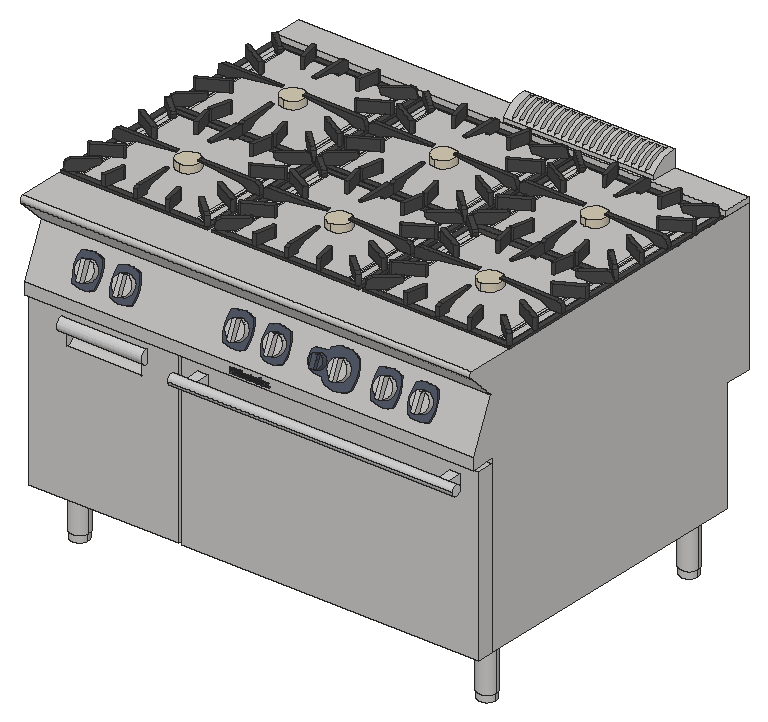
Revit family "QF_ELECTROLUXPROFESSIONAL_391465_E9AAOABFMIE", category Attrezzature speciali, Revit 2018 (continued)
Automatic sketch dimensions
  Extrusion 36 sketch curve to Extrusion 36 sketch curve = 0.503 mm
  plane 7 "Center Y" to Extrusion 36 sketch curve = 48.995 mm
  Extrusion 36 sketch curve to Extrusion 36 sketch curve = 0.488 mm
  plane 7 "Center Y" to Extrusion 36 sketch curve = 52.922 mm
  Extrusion 36 sketch curve to Extrusion 36 sketch curve = 0.462 mm
  Extrusion 36 sketch curve to Extrusion 36 sketch curve = 1.386 mm
  Extrusion 36 sketch curve to Extrusion 36 sketch curve = 1.742 mm
  Extrusion 36 sketch curve to Extrusion 36 sketch curve = 0.821 mm
  Extrusion 36 sketch curve to Extrusion 36 sketch curve = 0.497 mm
  Extrusion 36 sketch curve to Extrusion 36 sketch curve = 0.539 mm
  Extrusion 36 sketch curve to Extrusion 36 sketch curve = 0.686 mm
  Extrusion 36 sketch curve to plane 7 "Center Y" = 0.042 mm
  Extrusion 36 sketch curve to Extrusion 36 sketch curve = 0.408 mm
  Extrusion 36 sketch curve to Extrusion 36 sketch curve = 0.743 mm
  Extrusion 36 sketch curve to Extrusion 36 sketch curve = 1.16 mm
  Extrusion 36 sketch curve to Extrusion 36 sketch curve = 0.329 mm
  Extrusion 36 sketch curve to Extrusion 36 sketch curve = 1.054 mm
  Extrusion 36 sketch curve to Extrusion 36 sketch curve = 1.056 mm
  Extrusion 36 sketch curve to Extrusion 36 sketch curve = 0.129 mm
  Extrusion 36 sketch curve to Extrusion 36 sketch curve = 0.489 mm
  Extrusion 36 sketch curve to plane 7 "Center Y" = 0.376 mm
  Extrusion 36 sketch curve to Extrusion 36 sketch curve = 0.441 mm
  Extrusion 36 sketch curve to Extrusion 36 sketch curve = 1.151 mm
  Extrusion 36 sketch curve to Extrusion 36 sketch curve = 1.141 mm  (x2)
  Extrusion 36 sketch curve to Extrusion 36 sketch curve = 0.768 mm
  Extrusion 36 sketch curve to Extrusion 36 sketch curve = 1.653 mm
  Extrusion 36 sketch curve to Extrusion 36 sketch curve = 0.499 mm
  Extrusion 36 sketch curve to Extrusion 36 sketch curve = 0.964 mm
  Extrusion 36 sketch curve to Extrusion 36 sketch curve = 0.949 mm
  Extrusion 36 sketch curve to Extrusion 36 sketch curve = 1.345 mm  (x3)
  Extrusion 36 sketch curve to Extrusion 36 sketch curve = 1.101 mm
  Extrusion 36 sketch curve to Extrusion 36 sketch curve = 0.432 mm
  Extrusion 36 sketch curve to Extrusion 36 sketch curve = 1.142 mm
  Extrusion 36 sketch curve to Extrusion 36 sketch curve = 0.959 mm
  Extrusion 36 sketch curve to Extrusion 36 sketch curve = 0.176 mm
  Extrusion 36 sketch curve to Extrusion 36 sketch curve = 0.728 mm
  Extrusion 36 sketch curve to Extrusion 36 sketch curve = 3.375 mm  (x2)
  Extrusion 36 sketch curve to Extrusion 36 sketch curve = 0.541 mm
  Extrusion 36 sketch curve to Extrusion 36 sketch curve = 0.955 mm
  Extrusion 36 sketch curve to Extrusion 36 sketch curve = 1.251 mm
  Extrusion 36 sketch curve to Extrusion 36 sketch curve = 0.572 mm
  plane 7 "Center Y" to Extrusion 36 sketch curve = 47.619 mm
  Extrusion 36 sketch curve to Extrusion 36 sketch curve = 1.92 mm
  Extrusion 36 sketch curve to Extrusion 36 sketch curve = 1.224 mm
  Extrusion 36 sketch curve to Extrusion 36 sketch curve = 0.745 mm
  Extrusion 36 sketch curve to Extrusion 36 sketch curve = 0.036 mm
  Extrusion 36 sketch curve to Extrusion 36 sketch curve = 0.896 mm  (x3)
  Extrusion 36 sketch curve to Extrusion 36 sketch curve = 2.607 mm
  Extrusion 36 sketch curve to Extrusion 36 sketch curve = 0.066 mm
  Extrusion 36 sketch curve to Extrusion 36 sketch curve = 0.248 mm
  Extrusion 36 sketch curve to Extrusion 36 sketch curve = 0.449 mm
  plane 7 "Center Y" to Extrusion 36 sketch curve = 46.838 mm
  Extrusion 36 sketch curve to Extrusion 36 sketch curve = 1.052 mm
  Extrusion 36 sketch curve to Extrusion 36 sketch curve = 1.863 mm
  Extrusion 36 sketch curve to Extrusion 36 sketch curve = 1.31 mm  (x2)
  Extrusion 36 sketch curve to Extrusion 36 sketch curve = 0.901 mm
  Extrusion 36 sketch curve to Extrusion 36 sketch curve = 1.107 mm
  Extrusion 36 sketch curve to Extrusion 36 sketch curve = 2.122 mm
  Extrusion 36 sketch curve to Extrusion 36 sketch curve = 2.101 mm
  Extrusion 36 sketch curve to Extrusion 36 sketch curve = 0.106 mm
  Extrusion 36 sketch curve to Extrusion 36 sketch curve = 0.029 mm
  plane 7 "Center Y" to Extrusion 36 sketch curve = 49.641 mm
  Extrusion 36 sketch curve to Extrusion 36 sketch curve = 2.09 mm
  Extrusion 36 sketch curve to Extrusion 36 sketch curve = 1.279 mm
  Extrusion 36 sketch curve to Extrusion 36 sketch curve = 2.008 mm
  Extrusion 36 sketch curve to Extrusion 36 sketch curve = 0.738 mm
  Extrusion 36 sketch curve to Extrusion 36 sketch curve = 0.382 mm
  Extrusion 36 sketch curve to Extrusion 36 sketch curve = 0.384 mm
  Extrusion 36 sketch curve to Extrusion 36 sketch curve = 0.002 mm
  Extrusion 36 sketch curve to Extrusion 36 sketch curve = 0.561 mm
  Extrusion 36 sketch curve to Extrusion 36 sketch curve = 0.592 mm
  Extrusion 36 sketch curve to Extrusion 36 sketch curve = 2.692 mm
  Extrusion 36 sketch curve to Extrusion 36 sketch curve = 1.259 mm
  plane 7 "Center Y" to Extrusion 36 sketch curve = 48.858 mm
  Extrusion 36 sketch curve to Extrusion 36 sketch curve = 0.802 mm
  Extrusion 36 sketch curve to Extrusion 36 sketch curve = 1.024 mm
  Extrusion 36 sketch curve to Extrusion 36 sketch curve = 0.682 mm
  Extrusion 36 sketch curve to Extrusion 36 sketch curve = 5.934 mm
  Extrusion 36 sketch curve to Extrusion 36 sketch curve = 2.186 mm
  Extrusion 36 sketch curve to Extrusion 36 sketch curve = 0.337 mm
  Extrusion 36 sketch curve to Extrusion 36 sketch curve = 0.021 mm
  Extrusion 36 sketch curve to Extrusion 36 sketch curve = 1.005 mm
  Extrusion 36 sketch curve to Extrusion 36 sketch curve = 0.552 mm
  Extrusion 36 sketch curve to Extrusion 36 sketch curve = 0.778 mm
  Extrusion 36 sketch curve to Extrusion 36 sketch curve = 0.063 mm
  Extrusion 36 sketch curve to Extrusion 36 sketch curve = 1.023 mm
  Extrusion 36 sketch curve to Extrusion 36 sketch curve = 3.804 mm
  Extrusion 36 sketch curve to Extrusion 36 sketch curve = 0.486 mm
  Extrusion 36 sketch curve to Extrusion 36 sketch curve = 0.266 mm
  Extrusion 36 sketch curve to plane 7 "Center Y" = 0.787 mm
  Extrusion 36 sketch curve to Extrusion 36 sketch curve = 1.547 mm
  Extrusion 36 sketch curve to Extrusion 36 sketch curve = 0.717 mm  (x2)
  Extrusion 36 sketch curve to Extrusion 36 sketch curve = 1.667 mm
  plane 7 "Center Y" to Extrusion 36 sketch curve = 44.532 mm
  Extrusion 36 sketch curve to Extrusion 36 sketch curve = 3.174 mm
  plane 7 "Center Y" to Extrusion 36 sketch curve = 0.368 mm
  Extrusion 36 sketch curve to Extrusion 36 sketch curve = 0.388 mm
  Extrusion 36 sketch curve to Extrusion 36 sketch curve = 1.342 mm
  plane 7 "Center Y" to Extrusion 36 sketch curve = 50.135 mm
  Extrusion 36 sketch curve to Extrusion 36 sketch curve = 1.521 mm
  plane 7 "Center Y" to Extrusion 36 sketch curve = 51.694 mm
  Extrusion 36 sketch curve to Extrusion 36 sketch curve = 0.124 mm
  Extrusion 36 sketch curve to Extrusion 36 sketch curve = 0.291 mm
  plane 7 "Center Y" to Extrusion 36 sketch curve = 7.285 mm
  Extrusion 36 sketch curve to Extrusion 36 sketch curve = 1.049 mm  (x2)
  plane 7 "Center Y" to Extrusion 36 sketch curve = 47.668 mm
  Extrusion 36 sketch curve to Extrusion 36 sketch curve = 1.7 mm
  Extrusion 36 sketch curve to Extrusion 36 sketch curve = 0.894 mm
  Extrusion 36 sketch curve to Extrusion 36 sketch curve = 0.989 mm
  Extrusion 36 sketch curve to Extrusion 36 sketch curve = 1.168 mm
  Extrusion 36 sketch curve to Extrusion 36 sketch curve = 1.594 mm
  Extrusion 36 sketch curve to Extrusion 36 sketch curve = 0.731 mm
  Extrusion 36 sketch curve to Extrusion 36 sketch curve = 1.566 mm
  Extrusion 36 sketch curve to Extrusion 36 sketch curve = 0.064 mm
  plane 7 "Center Y" to Extrusion 36 sketch curve = 7.842 mm
  Extrusion 36 sketch curve to Extrusion 36 sketch curve = 0.556 mm
  Extrusion 36 sketch curve to Extrusion 36 sketch curve = 0.48 mm
  Extrusion 36 sketch curve to Extrusion 36 sketch curve = 0.228 mm
  Extrusion 36 sketch curve to Extrusion 36 sketch curve = 1.018 mm
  plane 7 "Center Y" to Extrusion 36 sketch curve = 37.429 mm
  Extrusion 36 sketch curve to Extrusion 36 sketch curve = 0.787 mm
  Extrusion 36 sketch curve to Extrusion 36 sketch curve = 0.618 mm
  plane 7 "Center Y" to Extrusion 36 sketch curve = 42.486 mm
  Extrusion 36 sketch curve to Extrusion 36 sketch curve = 1.672 mm
  plane 7 "Center Y" to Extrusion 36 sketch curve = 53.436 mm
  Extrusion 36 sketch curve to Extrusion 36 sketch curve = 1.361 mm
  Extrusion 36 sketch curve to Extrusion 36 sketch curve = 0.822 mm
  Extrusion 36 sketch curve to Extrusion 36 sketch curve = 0.069 mm
  Extrusion 36 sketch curve to Extrusion 36 sketch curve = 1.88 mm
  plane 7 "Center Y" to Extrusion 36 sketch curve = 35.269 mm
  Extrusion 36 sketch curve to Extrusion 36 sketch curve = 0.42 mm
  Extrusion 36 sketch curve to Extrusion 36 sketch curve = 0.062 mm
  Extrusion 36 sketch curve to Extrusion 36 sketch curve = 1.355 mm
  Extrusion 36 sketch curve to Extrusion 36 sketch curve = 2.34 mm
  Extrusion 36 sketch curve to Extrusion 36 sketch curve = 0.493 mm
  Extrusion 36 sketch curve to Extrusion 36 sketch curve = 0.136 mm
  Extrusion 36 sketch curve to Extrusion 36 sketch curve = 0.128 mm
  Extrusion 36 sketch curve to Extrusion 36 sketch curve = 3.616 mm
  Extrusion 36 sketch curve to Extrusion 36 sketch curve = 4.207 mm
  Extrusion 36 sketch curve to Extrusion 36 sketch curve = 0.183 mm
  Extrusion 36 sketch curve to Extrusion 36 sketch curve = 0.895 mm
  Extrusion 36 sketch curve to Extrusion 36 sketch curve = 1.314 mm
  Extrusion 36 sketch curve to Extrusion 36 sketch curve = 3.231 mm
  Extrusion 36 sketch curve to plane 7 "Center Y" = 23.526 mm
  Extrusion 36 sketch curve to Extrusion 36 sketch curve = 1.299 mm
  Extrusion 36 sketch curve to Extrusion 36 sketch curve = 1.214 mm
  plane 7 "Center Y" to Extrusion 36 sketch curve = 26.369 mm
  Extrusion 36 sketch curve to Extrusion 36 sketch curve = 1.264 mm
  Extrusion 36 sketch curve to Extrusion 36 sketch curve = 0.109 mm
  Extrusion 36 sketch curve to Extrusion 36 sketch curve = 0.357 mm
  Extrusion 36 sketch curve to Extrusion 36 sketch curve = 0.565 mm
  Extrusion 36 sketch curve to Extrusion 36 sketch curve = 2.504 mm
  Extrusion 36 sketch curve to Extrusion 36 sketch curve = 2.459 mm
  Extrusion 36 sketch curve to Extrusion 36 sketch curve = 0.983 mm
  Extrusion 36 sketch curve to Extrusion 36 sketch curve = 0.422 mm  (x2)
  Extrusion 36 sketch curve to Extrusion 36 sketch curve = 1.268 mm
  Extrusion 36 sketch curve to Extrusion 36 sketch curve = 0.671 mm
  Extrusion 36 sketch curve to Extrusion 36 sketch curve = 1.634 mm
  Extrusion 36 sketch curve to Extrusion 36 sketch curve = 0.132 mm
  Extrusion 36 sketch curve to Extrusion 36 sketch curve = 0.586 mm
  Extrusion 36 sketch curve to Extrusion 36 sketch curve = 1.241 mm
  Extrusion 36 sketch curve to Extrusion 36 sketch curve = 1.689 mm
  Extrusion 36 sketch curve to Extrusion 36 sketch curve = 0.627 mm
  Extrusion 36 sketch curve to Extrusion 36 sketch curve = 0.419 mm
  Extrusion 36 sketch curve to Extrusion 36 sketch curve = 1.514 mm
  Extrusion 36 sketch curve to Extrusion 36 sketch curve = 1.019 mm
  Extrusion 36 sketch curve to Extrusion 36 sketch curve = 0.065 mm
  Extrusion 36 sketch curve to Extrusion 36 sketch curve = 1.215 mm
  Extrusion 36 sketch curve to Extrusion 36 sketch curve = 1.122 mm
  Extrusion 36 sketch curve to Extrusion 36 sketch curve = 1.153 mm
  Extrusion 36 sketch curve to Extrusion 36 sketch curve = 1.223 mm
  Extrusion 36 sketch curve to Extrusion 36 sketch curve = 0.934 mm
  Extrusion 36 sketch curve to Extrusion 36 sketch curve = 3.376 mm
  Extrusion 36 sketch curve to Extrusion 36 sketch curve = 0.222 mm
  Extrusion 36 sketch curve to Extrusion 36 sketch curve = 1.383 mm
  Extrusion 36 sketch curve to Extrusion 36 sketch curve = 1.556 mm
  Extrusion 36 sketch curve to Extrusion 36 sketch curve = 2.559 mm
  Extrusion 36 sketch curve to Extrusion 36 sketch curve = 2.51 mm
  Extrusion 36 sketch curve to Extrusion 36 sketch curve = 0.131 mm
  Extrusion 36 sketch curve to Extrusion 36 sketch curve = 1.134 mm
  Extrusion 36 sketch curve to Extrusion 36 sketch curve = 0.094 mm
  Extrusion 36 sketch curve to Extrusion 36 sketch curve = 1.584 mm
  Extrusion 36 sketch curve to Extrusion 36 sketch curve = 0.27 mm
  Extrusion 36 sketch curve to Extrusion 36 sketch curve = 0.916 mm
  Extrusion 36 sketch curve to Extrusion 36 sketch curve = 0.352 mm
  Extrusion 36 sketch curve to Extrusion 36 sketch curve = 0.458 mm
  Extrusion 36 sketch curve to Extrusion 36 sketch curve = 1.282 mm
  Extrusion 36 sketch curve to Extrusion 36 sketch curve = 1.363 mm
  Extrusion 36 sketch curve to Extrusion 36 sketch curve = 0.685 mm
  Extrusion 36 sketch curve to Extrusion 36 sketch curve = 0.905 mm
  Extrusion 36 sketch curve to Extrusion 36 sketch curve = 1.477 mm
  Extrusion 36 sketch curve to Extrusion 36 sketch curve = 0.472 mm
  Extrusion 36 sketch curve to Extrusion 36 sketch curve = 0.101 mm
  Extrusion 36 sketch curve to Extrusion 36 sketch curve = 0.54 mm
  Extrusion 36 sketch curve to Extrusion 36 sketch curve = 0.02 mm
  Extrusion 36 sketch curve to Extrusion 36 sketch curve = 0.829 mm
  Extrusion 36 sketch curve to Extrusion 36 sketch curve = 0.582 mm
  Extrusion 36 sketch curve to Extrusion 36 sketch curve = 0.166 mm
  Extrusion 36 sketch curve to Extrusion 36 sketch curve = 0.16 mm
  Extrusion 36 sketch curve to Extrusion 36 sketch curve = 1.118 mm
  Extrusion 36 sketch curve to Extrusion 36 sketch curve = 0.613 mm
  Extrusion 36 sketch curve to Extrusion 36 sketch curve = 0.781 mm
  Extrusion 36 sketch curve to Extrusion 36 sketch curve = 0.361 mm
  Extrusion 36 sketch curve to Extrusion 36 sketch curve = 0.897 mm
  Extrusion 36 sketch curve to Extrusion 36 sketch curve = 0.167 mm
  Extrusion 36 sketch curve to Extrusion 36 sketch curve = 0.292 mm
  Extrusion 36 sketch curve to Extrusion 36 sketch curve = 0.305 mm
  Extrusion 36 sketch curve to Extrusion 36 sketch curve = 1.557 mm
  Extrusion 36 sketch curve to Extrusion 36 sketch curve = 2.499 mm
  Extrusion 36 sketch curve to Extrusion 36 sketch curve = 3.062 mm
  Extrusion 36 sketch curve to Extrusion 36 sketch curve = 2.968 mm
  Extrusion 36 sketch curve to Extrusion 36 sketch curve = 5.044 mm
  Extrusion 36 sketch curve to Extrusion 36 sketch curve = 0.629 mm  (x2)
  Extrusion 36 sketch curve to Extrusion 36 sketch curve = 1.131 mm
  Extrusion 36 sketch curve to Extrusion 36 sketch curve = 0.137 mm
  Extrusion 36 sketch curve to Extrusion 36 sketch curve = 0.027 mm
  Extrusion 36 sketch curve to Extrusion 36 sketch curve = 2.046 mm
  Extrusion 36 sketch curve to Extrusion 36 sketch curve = 2.235 mm
  Revolve 37 sketch curve to plane 9 "Base" = 0 mm  (x2)
  Revolve 37 sketch curve to level = 0 mm
  Revolve 37 sketch curve to plane 18 = 0 mm  (x2)
  Revolve 37 sketch curve to Revolve 37 sketch curve = 22.9 mm
  Revolve 37 sketch curve to Revolve 37 sketch curve = 2.5 mm
  plane 9 "Base" to Revolve 37 sketch curve = 20 mm
  level to Revolve 37 sketch curve = 19.05 mm
  Revolve 38 sketch curve to plane 9 "Base" = 0 mm  (x2)
  Revolve 38 sketch curve to level = 0 mm
  Revolve 38 sketch curve to plane 18 = 0 mm  (x2)
  Revolve 38 sketch curve to Revolve 38 sketch curve = 22.9 mm
  Revolve 38 sketch curve to Revolve 38 sketch curve = 2.5 mm
  plane 9 "Base" to Revolve 38 sketch curve = 20 mm
  level to Revolve 38 sketch curve = 19.05 mm
  plane 1 "BACK" to Extrusion 39 sketch curve = 63.911 mm  (x2)
  Extrusion 39 sketch curve to plane 18 = 156.447 mm
  Extrusion 39 sketch curve to Extrusion 39 sketch curve = 9.296 mm  (x20)
  Extrusion 39 sketch curve to Extrusion 39 sketch curve = 9.397 mm  (x19)
  Extrusion 39 sketch curve to Extrusion 39 sketch curve = 0 mm  (x18)
  plane 1 "BACK" to Extrusion 39 sketch curve = 6.761 mm  (x20)
  Revolve 40 sketch curve to plane 9 "Base" = 0 mm  (x2)
  Revolve 40 sketch curve to level = 0 mm
  plane 17 to Revolve 40 sketch curve = 0 mm  (x2)
  plane 17 to Revolve 40 sketch curve = 22.9 mm
  Revolve 40 sketch curve to Revolve 40 sketch curve = 2.5 mm
  level to Revolve 40 sketch curve = 19.05 mm
  plane 9 "Base" to Revolve 40 sketch curve = 20 mm
  Revolve 41 sketch curve to plane 9 "Base" = 0 mm  (x2)
  Revolve 41 sketch curve to level = 0 mm
  plane 17 to Revolve 41 sketch curve = 0 mm  (x2)
  plane 17 to Revolve 41 sketch curve = 22.9 mm
  Revolve 41 sketch curve to Revolve 41 sketch curve = 2.5 mm
  level to Revolve 41 sketch curve = 19.05 mm
  plane 9 "Base" to Revolve 41 sketch curve = 20 mm
  radius of Extrusion 4 sketch curve = 6.4 mm
  radius of Extrusion 9 sketch curve = 12.7 mm
  radius of Extrusion 13 sketch curve = 25.4 mm
  radius of Extrusion 14 sketch curve to Extrusion 13 = 0 mm  (x2)
  radius of Extrusion 16 sketch curve = 25.4 mm
  radius of Extrusion 17 sketch curve to Extrusion 16 = 0 mm  (x2)
  radius of Extrusion 18 sketch curve = 18.37 mm
  radius of Extrusion 21 sketch curve = 25.4 mm
  radius of Extrusion 22 sketch curve to Extrusion 21 = 0 mm  (x2)
  radius of Extrusion 24 sketch curve = 25.4 mm
  radius of Extrusion 25 sketch curve to Extrusion 24 = 0 mm  (x2)
  radius of Extrusion 28 sketch curve = 25.4 mm
  radius of Extrusion 29 sketch curve to Extrusion 28 = 0 mm  (x2)
  radius of Extrusion 31 sketch curve = 25.4 mm
  radius of Extrusion 32 sketch curve to Extrusion 31 = 0 mm  (x2)
  radius of Extrusion 34 sketch curve = 25.4 mm
  radius of Extrusion 35 sketch curve to Extrusion 34 = 0 mm  (x2)
Nested families
  nested 1: "371009_BURNER" at (0, -440.6, 0), type "371009_BURNER"
    with Type Mark "", Status "", Specification by User "", Revision Code "", Item Number "", Installed By "", Identify Quantity as Lot yes, Furnished By "", Foodservice Equipment Identifier yes
  nested 2: "371009_BURNER" at (403.15, -440.6, 0), type "371009_BURNER"
    with Type Mark "", Status "", Specification by User "", Revision Code "", Item Number "", Installed By "", Identify Quantity as Lot yes, Furnished By "", Foodservice Equipment Identifier yes
  nested 3: "371009_BURNER" at (1200, -440.6, 0) x (-1, 0, 0) z (0, 0, 1), type "371009_BURNER"
    with Type Mark "", Status "", Specification by User "", Revision Code "", Item Number "", Installed By "", Identify Quantity as Lot yes, Furnished By "", Foodservice Equipment Identifier yes
  nested 4: "371009_BURNER" at (0, -440.6, 0), type "371009_BURNER"
    with Type Mark "", Status "", Specification by User "", Revision Code "", Item Number "", Installed By "", Identify Quantity as Lot yes, Furnished By "", Foodservice Equipment Identifier yes
  nested 5: "371009_BURNER" at (403.15, -440.6, 0), type "371009_BURNER"
    with Type Mark "", Status "", Specification by User "", Revision Code "", Item Number "", Installed By "", Identify Quantity as Lot yes, Furnished By "", Foodservice Equipment Identifier yes
  nested 6: "371009_BURNER" at (1200, -440.6, 0) x (-1, 0, 0) z (0, 0, 1), type "371009_BURNER"
    with Type Mark "", Status "", Specification by User "", Revision Code "", Item Number "", Installed By "", Identify Quantity as Lot yes, Furnished By "", Foodservice Equipment Identifier yes
Connectors
  piping at (1149, -665, 129), diameter 12.7
    settings: on Extrusion 4, index 1, connector inside diameter 0.50394", connector length 0 mm, flow factor 0, pipe flow 0 GPM, pressure drop 0.00 psi, fitting loss kfactor 0, connector angle 0.00°, fixture units 0, engagement length 0 mm, angle of deflection 0.00°, flow configuration 1, flow direction 1, fitting loss method 0, system type 7, joint type 0, gender type 0, connector reference index -1, connector utility 0, adjustable connector no, is connector primary yes, connector description "GAS CONNECTION"
Definition of nested family "371009_BURNER"
  Parameters
    Weight in Pounds = 0
    URL Cutsheet = ""
    URL = "www.electrolux.com"
    Type Mark [instance] = ""
    Status [instance] = ""
    Specification by User [instance] = ""
    Specification by Manufacturer = ""
    Show Clearance [instance] = yes
    Serial Number = ""
    Seismic Rating = ""
    SMACNA No = ""
    Revision Code [instance] = ""
    Omniclass Number and Title = ""
    NAFEM Spec ID Number = ""
    Model = "371009"
    Masterspec = ""
    Manufacturer = "ELECTROLUX"
    Item Number [instance] = ""
    Installed By [instance] = ""
    Identify Quantity as Lot [instance] = yes
    Furnished By [instance] = ""
    Foodservice Equipment Identifier [instance] = yes
    Description = ""
    CSI MasterFormat = ""
    CSI Master Format = ""
  Reference planes
    plane 1 "BACK": y = 0
    plane 2: z = 0
    plane 3 "LEFT": x = 0
    plane 4 "RIGHT": x = 393.7
    plane 5 "FRONT": y = -355.6
    plane 6 "TOP": z = 908.85
    plane 7 "Center Y": x = 196.85
    plane 8 "Center X": y = -177.8
    plane 9 "Base": z = 150
    plane 10: z = 850.85
  Forms (mm)
    Extrusion 1, solid
      sketch origin (-6.433, -404.961, 5) x (1, 0, 0) y (0, 0, -1)
        loop
          arc (7.142, -850.85) -> (6.739, -862.989) -> (9.761, -874.752) r 42.809
          line (9.761, -874.752) -> (19.961, -879.425) -> (173.122, -879.425)
          arc (173.122, -879.425) -> (174.316, -878.312) -> (173.289, -877.043) r 1.197
          line (173.289, -877.043) -> (64.848, -864.021)
          arc (64.848, -864.021) -> (50.111, -858.738) -> (36.589, -850.85) r 85.245
          line (36.589, -850.85) -> (7.142, -850.85)
        loop
          line (399.424, -850.85) -> (369.977, -850.85)
          arc (369.977, -850.85) -> (356.455, -858.738) -> (341.718, -864.021) r 85.245
          line (341.718, -864.021) -> (233.277, -877.043)
          arc (233.277, -877.043) -> (232.25, -878.312) -> (233.444, -879.425) r 1.197
          line (233.444, -879.425) -> (386.605, -879.425) -> (396.806, -874.752)
          arc (396.806, -874.752) -> (399.827, -862.989) -> (399.424, -850.85) r 42.809
      from 224.564 to 234.564
    Extrusion 2, solid
      sketch origin (196.85, 175.397, 1219.2) x (0, 1, 0) y (0, 0, 1)
        loop
          line (-204.463, -363.35) -> (-175.397, -363.35) -> (-175.397, -339.506)
          arc (-175.397, -339.506) -> (-181.025, -338.266) -> (-185.611, -334.775) r 13.39
          line (-185.611, -334.775) -> (-278.903, -334.775)
          arc (-278.903, -334.775) -> (-280.097, -335.888) -> (-279.07, -337.157) r 1.197
          line (-279.07, -337.157) -> (-227.151, -347.464)
          arc (-227.151, -347.464) -> (-213.741, -352.457) -> (-204.463, -363.35) r 28.426
        loop
          arc (-496.332, -363.35) -> (-487.053, -352.457) -> (-473.644, -347.464) r 28.426
          line (-473.644, -347.464) -> (-421.725, -337.157)
          arc (-421.725, -337.157) -> (-420.697, -335.888) -> (-421.891, -334.775) r 1.197
          line (-421.891, -334.775) -> (-515.184, -334.775)
          arc (-515.184, -334.775) -> (-519.769, -338.266) -> (-525.397, -339.506) r 13.39
          line (-525.397, -339.506) -> (-525.397, -363.35) -> (-496.332, -363.35)
      from -5 to 5
    Extrusion 3, solid
      sketch origin (-6.433, 367.064, 850.85) x (0, -1, 0) y (1, 0, 0)
        loop
          line (722.664, 6.433) -> (722.664, 400.133) -> (367.064, 400.133) -> (367.064, 6.433) -> (722.664, 6.433)
        loop
          line (382.064, 21.433) -> (707.664, 21.433) -> (707.664, 385.133) -> (382.064, 385.133) -> (382.064, 21.433)
      from 0 to 5
    Extrusion 4, solid
      sketch origin (-18.933, 367.064, 855.85) x (0, -1, 0) y (1, 0, 0)
        loop
          circle (541.667, 215.783) r 30
      from -1.321 to 17.134
    Extrusion 5, solid
      sketch origin (-6.433, -367.064, 0) x (1, 0, 0) y (0, 0, -1)
        loop
          line (21.433, -855.85) -> (36.589, -855.85)
          arc (36.589, -855.85) -> (40.561, -855.243) -> (44.305, -853.783) r 18.259
          arc (44.305, -853.783) -> (45.997, -853.366) -> (47.69, -853.783) r 3.649
          arc (47.69, -853.783) -> (49.901, -854.522) -> (52.232, -854.529) r 7.328
          line (52.232, -854.529) -> (354.334, -854.529)
          arc (354.334, -854.529) -> (356.666, -854.522) -> (358.877, -853.783) r 7.328
          arc (358.877, -853.783) -> (360.569, -853.366) -> (362.261, -853.783) r 3.649
          arc (362.261, -853.783) -> (366.005, -855.243) -> (369.977, -855.85) r 18.259
          line (369.977, -855.85) -> (385.133, -855.85) -> (385.133, -850.85) -> (21.433, -850.85) -> (21.433, -855.85)
      from 26.464 to 352.064
    Extrusion 6, solid
      sketch origin (83.284, -458.334, 5) x (0.742103, 0.670286, 0) y (0, 0, -1)
        loop
          arc (88.629, -864.012) -> (73.909, -858.731) -> (60.402, -850.85) r 85.245
          line (60.402, -850.85) -> (14.993, -850.85)
          arc (14.993, -850.85) -> (14.642, -862.948) -> (17.686, -874.663) r 42.876
          line (17.686, -874.663) -> (27.899, -879.425) -> (89.664, -879.425)
          arc (89.664, -879.425) -> (92.39, -878.352) -> (93.654, -875.709) r 4
          arc (93.654, -875.709) -> (92.562, -869.25) -> (88.629, -864.012) r 13.87
        loop
          arc (457.638, -864.012) -> (453.704, -869.25) -> (452.613, -875.709) r 13.87
          arc (452.613, -875.709) -> (453.876, -878.352) -> (456.603, -879.425) r 4
          line (456.603, -879.425) -> (518.367, -879.425) -> (528.581, -874.663)
          arc (528.581, -874.663) -> (531.624, -862.948) -> (531.273, -850.85) r 42.876
          line (531.273, -850.85) -> (485.865, -850.85)
          arc (485.865, -850.85) -> (472.357, -858.731) -> (457.638, -864.012) r 85.245
      from 127.064 to 137.064
    Extrusion 7, solid
      sketch origin (310.416, -458.334, 5) x (-0.742103, 0.670286, 0) y (0, 0, 1)
        loop
          arc (88.629, 864.012) -> (92.562, 869.25) -> (93.654, 875.709) r 13.87
          arc (93.654, 875.709) -> (92.39, 878.352) -> (89.664, 879.425) r 4
          line (89.664, 879.425) -> (27.899, 879.425) -> (17.686, 874.663)
          arc (17.686, 874.663) -> (14.642, 862.948) -> (14.993, 850.85) r 42.876
          line (14.993, 850.85) -> (60.402, 850.85)
          arc (60.402, 850.85) -> (73.909, 858.731) -> (88.629, 864.012) r 85.245
        loop
          arc (457.638, 864.012) -> (472.357, 858.731) -> (485.865, 850.85) r 85.245
          line (485.865, 850.85) -> (531.273, 850.85)
          arc (531.273, 850.85) -> (531.624, 862.948) -> (528.581, 874.663) r 42.876
          line (528.581, 874.663) -> (518.367, 879.425) -> (456.603, 879.425)
          arc (456.603, 879.425) -> (453.876, 878.352) -> (452.613, 875.709) r 4
          arc (452.613, 875.709) -> (453.704, 869.25) -> (457.638, 864.012) r 13.87
      from 127.064 to 137.064
    Extrusion 8, solid
      sketch origin (-6.433, 367.064, 855.85) x (0, -1, 0) y (1, 0, 0)
        loop
          arc (626.166, 9.428) -> (632.956, 7.454) -> (634.93, 14.244) r 5
          line (634.93, 14.244) -> (600.514, 76.878)
          arc (600.514, 76.878) -> (593.724, 78.852) -> (591.75, 72.062) r 5
          line (591.75, 72.062) -> (626.166, 9.428)
        loop
          line (463.562, 9.428) -> (497.977, 72.062)
          arc (497.977, 72.062) -> (496.003, 78.852) -> (489.213, 76.878) r 5
          line (489.213, 76.878) -> (454.798, 14.244)
          arc (454.798, 14.244) -> (456.772, 7.454) -> (463.562, 9.428) r 5
        loop
          line (626.166, 397.138) -> (591.75, 334.504)
          arc (591.75, 334.504) -> (593.724, 327.714) -> (600.514, 329.689) r 5
          line (600.514, 329.689) -> (634.93, 392.323)
          arc (634.93, 392.323) -> (632.956, 399.113) -> (626.166, 397.138) r 5
        loop
          arc (463.562, 397.138) -> (456.772, 399.113) -> (454.798, 392.323) r 5
          line (454.798, 392.323) -> (489.213, 329.689)
          arc (489.213, 329.689) -> (496.003, 327.714) -> (497.977, 334.504) r 5
          line (497.977, 334.504) -> (463.562, 397.138)
        loop
          line (715.14, 293.499) -> (666.703, 282.317)
          arc (666.703, 282.317) -> (662.956, 276.32) -> (668.953, 272.573) r 5
          line (668.953, 272.573) -> (717.389, 283.756)
          arc (717.389, 283.756) -> (721.136, 289.752) -> (715.14, 293.499) r 5
        loop
          arc (715.14, 113.067) -> (721.136, 116.814) -> (717.389, 122.811) r 5
          line (717.389, 122.811) -> (668.953, 133.993)
          arc (668.953, 133.993) -> (662.956, 130.246) -> (666.703, 124.249) r 5
          line (666.703, 124.249) -> (715.14, 113.067)
        loop
          arc (374.588, 293.499) -> (368.591, 289.752) -> (372.338, 283.756) r 5
          line (372.338, 283.756) -> (420.775, 272.573)
          arc (420.775, 272.573) -> (426.771, 276.32) -> (423.024, 282.317) r 5
          line (423.024, 282.317) -> (374.588, 293.499)
        loop
          line (374.588, 113.067) -> (423.024, 124.249)
          arc (423.024, 124.249) -> (426.771, 130.246) -> (420.775, 133.993) r 5
          line (420.775, 133.993) -> (372.338, 122.811)
          arc (372.338, 122.811) -> (368.591, 116.814) -> (374.588, 113.067) r 5
      from 0 to 28.575
  Lines and regions (mm)
    symbolic lines
      curve 1: line (0, -355.6, 150) -> (393.7, -355.6, 150)
      curve 2: line (0, 0, 150) -> (0, -355.6, 150)
      curve 3: line (393.7, -355.6, 150) -> (393.7, 0, 150)
      curve 4: line (369.633, -15, 150) -> (285.34, -15, 150)
      curve 5: line (24.067, -340.6, 150) -> (108.36, -340.6, 150)
      curve 6: line (157.475, -170.397, 150) -> (157.475, -15, 150)
      curve 7: line (236.225, -170.397, 150) -> (236.225, -15, 150)
      curve 8: line (201.85, -350, 150) -> (201.85, -176.674, 150)
      curve 9: line (0, -180.397, 150) -> (167.224, -180.397, 150)
      curve 10: line (393.7, -170.397, 150) -> (228.275, -170.397, 150)
      curve 11: line (15, -180.397, 150) -> (15, -252.506, 150)
      curve 12: line (45.799, -340.6, 150) -> (45.799, -320.971, 150)
      curve 13: line (167.224, -170.397, 150) -> (0, -170.397, 150)
      curve 14: line (228.275, -180.504, 150) -> (393.7, -180.504, 150)
      curve 15: arc (228.275, -170.397, 150) -> (223.221, -175.45, 150) -> (228.275, -180.504, 150) r 5.054
      curve 16: arc (167.224, -170.397, 150) -> (172.224, -175.397, 150) -> (167.224, -180.397, 150) r 5
      curve 17: line (191.85, -176.674, 150) -> (191.85, -350, 150)
      curve 18: line (201.85, -134.556, 150) -> (201.85, -0.794, 150)
      curve 19: arc (201.85, -176.674, 150) -> (196.85, -171.674, 150) -> (191.85, -176.674, 150) r 5
      curve 20: arc (201.85, -134.556, 150) -> (196.85, -139.556, 150) -> (191.85, -134.556, 150) r 5
      curve 21: line (191.85, -15, 150) -> (118.623, -15, 150)
      curve 22: arc (201.85, -29.042, 150) -> (213.272, -50.008, 150) -> (201.85, -70.973, 150) r 24.953
      curve 23: arc (213.086, -53.048, 150) -> (214.5, -50.008, 150) -> (213.086, -46.967, 150) r 3.975
      curve 24: arc (191.85, -29.852, 150) -> (181.339, -50.008, 150) -> (191.85, -70.163, 150) r 24.58
      curve 25: arc (181.527, -53.042, 150) -> (179.976, -50.008, 150) -> (181.527, -46.973, 150) r 3.745
      curve 26: line (191.85, -0.794, 150) -> (191.85, -134.556, 150)
      curve 27: line (191.85, -350, 150) -> (201.85, -350, 150)
      curve 28: line (191.85, -11.007, 150) -> (201.85, -11.007, 150)
      curve 29: line (191.85, -0.794, 150) -> (201.85, -0.794, 150)
      curve 30: line (201.85, -340.6, 150) -> (275.077, -340.6, 150)
      curve 31: arc (196.85, -145.397, 0) -> (166.955, -172.888, 0) -> (191.85, -204.977, 0) r 30
      curve 32: arc (201.85, -204.977, 0) -> (226.745, -172.888, 0) -> (196.85, -145.397, 0) r 30
      curve 33: arc (158.678, -180.397, 0) -> (170.734, -200.207, 0) -> (191.85, -209.795, 0) r 39.375
      curve 34: line (163.825, -170.397, 150) -> (163.825, -15, 150)
      curve 35: line (229.875, -170.397, 150) -> (229.875, -15, 150)
      curve 36: line (144.775, -170.397, 150) -> (144.775, -15, 150)
      curve 37: line (248.925, -170.397, 150) -> (248.925, -15, 150)
      curve 38: arc (145.678, -180.397, 0) -> (161.728, -209.187, 0) -> (191.85, -222.573, 0) r 52.075
      curve 39: arc (201.85, -209.795, 0) -> (222.966, -200.207, 0) -> (235.022, -180.397, 0) r 39.375
      curve 40: arc (201.85, -222.573, 0) -> (231.931, -209.224, 0) -> (248.001, -180.504, 0) r 52.075
      curve 41: line (393.7, 0, 0) -> (0, 0, 0)
      curve 42: line (70.445, -122.149, 0) -> (7.81, -87.734, 0)
      curve 43: arc (7.81, -87.734, 0) -> (1.021, -89.708, 0) -> (2.995, -96.498, 0) r 5
      curve 44: line (2.995, -96.498, 0) -> (65.629, -130.914, 0)
      curve 45: arc (65.629, -130.914, 0) -> (72.419, -128.939, 0) -> (70.445, -122.149, 0) r 5
      curve 46: line (65.629, -224.686, 0) -> (2.995, -259.102, 0)
      curve 47: arc (2.995, -259.102, 0) -> (1.021, -265.892, 0) -> (7.81, -267.866, 0) r 5
      curve 48: line (7.81, -267.866, 0) -> (70.445, -233.451, 0)
      curve 49: arc (70.445, -233.451, 0) -> (72.419, -226.661, 0) -> (65.629, -224.686, 0) r 5
      curve 50: line (323.255, -122.149, 0) -> (385.89, -87.734, 0)
      curve 51: arc (385.89, -87.734, 0) -> (392.679, -89.708, 0) -> (390.705, -96.498, 0) r 5
      curve 52: line (390.705, -96.498, 0) -> (328.071, -130.914, 0)
      curve 53: arc (328.071, -130.914, 0) -> (321.281, -128.939, 0) -> (323.255, -122.149, 0) r 5
      curve 54: line (328.071, -224.686, 0) -> (390.705, -259.102, 0)
      curve 55: arc (390.705, -259.102, 0) -> (392.679, -265.892, 0) -> (385.89, -267.866, 0) r 5
      curve 56: line (385.89, -267.866, 0) -> (323.255, -233.451, 0)
      curve 57: arc (323.255, -233.451, 0) -> (321.281, -226.661, 0) -> (328.071, -224.686, 0) r 5
      curve 58: line (118.623, -340.6, 150) -> (191.85, -340.6, 150)
      curve 59: line (285.34, -340.6, 150) -> (369.633, -340.6, 150)
      curve 60: line (378.7, -335.314, 0) -> (378.7, -263.916, 0)
      curve 61: line (1.326, -7.935, 0) -> (58.752, -59.804, 0)
      curve 62: line (65.455, -52.383, 0) -> (8.029, -0.514, 0)
      curve 63: arc (58.752, -59.804, 0) -> (65.814, -59.445, 0) -> (65.455, -52.383, 0) r 5
      curve 64: line (1.326, -7.935, 0) -> (8.029, -0.514, 0)
      curve 65: line (392.374, -7.935, 0) -> (334.948, -59.804, 0)
      curve 66: line (328.245, -52.383, 0) -> (385.671, -0.514, 0)
      curve 67: arc (334.948, -59.804, 0) -> (327.886, -59.445, 0) -> (328.245, -52.383, 0) r 5
      curve 68: line (392.374, -7.935, 0) -> (385.671, -0.514, 0)
      curve 69: line (392.374, -347.665, 0) -> (334.948, -295.796, 0)
      curve 70: line (328.245, -303.217, 0) -> (385.671, -355.086, 0)
      curve 71: arc (334.948, -295.796, 0) -> (327.886, -296.155, 0) -> (328.245, -303.217, 0) r 5
      curve 72: line (392.374, -347.665, 0) -> (385.671, -355.086, 0)
      curve 73: line (1.326, -347.665, 0) -> (58.752, -295.796, 0)
      curve 74: line (65.455, -303.217, 0) -> (8.029, -355.086, 0)
      curve 75: arc (58.752, -295.796, 0) -> (65.814, -296.155, 0) -> (65.455, -303.217, 0) r 5
      curve 76: line (1.326, -347.665, 0) -> (8.029, -355.086, 0)
      curve 77: line (347.901, -15, 0) -> (347.901, -34.629, 0)
      curve 78: line (347.901, -320.971, 0) -> (347.901, -340.6, 0)
      curve 79: line (378.7, -252.506, 0) -> (378.7, -180.397, 0)
      curve 80: line (347.901, -246.993, 0) -> (347.901, -307.496, 0)
      curve 81: line (378.7, -170.397, 0) -> (378.7, -103.094, 0)
      curve 82: line (347.901, -180.397, 0) -> (347.901, -235.582, 0)
      curve 83: line (378.7, -91.684, 0) -> (378.7, -20.286, 0)
      curve 84: line (347.901, -120.018, 0) -> (347.901, -170.397, 0)
      curve 85: line (347.901, -48.104, 0) -> (347.901, -108.607, 0)
      curve 86: line (275.077, -15, 150) -> (201.85, -15, 150)
      curve 87: line (108.36, -15, 150) -> (24.067, -15, 150)
      curve 88: line (45.799, -40, 150) -> (45.799, -15, 150)
      curve 89: line (45.799, -108.607, 150) -> (45.799, -40, 150)
      curve 90: line (15, -20.286, 0) -> (15, -91.684, 0)
      curve 91: line (15, -103.094, 0) -> (15, -170.397, 0)
      curve 92: line (45.799, -170.397, 150) -> (45.799, -120.018, 150)
      curve 93: line (45.799, -235.582, 150) -> (45.799, -180.397, 150)
      curve 94: line (15, -263.916, 150) -> (15, -335.314, 150)
      curve 95: line (45.799, -307.496, 150) -> (45.799, -246.993, 150)
      curve 96: line (116.378, -350.325, 0) -> (127.56, -301.889, 0)
      curve 97: arc (127.56, -301.889, 0) -> (123.813, -295.892, 0) -> (117.816, -299.64, 0) r 5
      curve 98: line (117.816, -299.64, 0) -> (106.634, -348.076, 0)
      curve 99: arc (106.634, -348.076, 0) -> (110.381, -354.072, 0) -> (116.378, -350.325, 0) r 5
      curve 100: line (266.14, -301.889, 0) -> (277.322, -350.325, 0)
      curve 101: arc (277.322, -350.325, 0) -> (283.319, -354.072, 0) -> (287.066, -348.076, 0) r 5
      curve 102: line (287.066, -348.076, 0) -> (275.884, -299.64, 0)
      curve 103: arc (275.884, -299.64, 0) -> (269.887, -295.892, 0) -> (266.14, -301.889, 0) r 5
      curve 104: line (275.884, -55.96, 0) -> (287.066, -7.524, 0)
      curve 105: arc (287.066, -7.524, 0) -> (283.319, -1.528, 0) -> (277.322, -5.275, 0) r 5
      curve 106: line (277.322, -5.275, 0) -> (266.14, -53.711, 0)
      curve 107: arc (266.14, -53.711, 0) -> (269.887, -59.708, 0) -> (275.884, -55.96, 0) r 5
      curve 108: line (127.56, -53.711, 0) -> (116.378, -5.275, 0)
      curve 109: arc (116.378, -5.275, 0) -> (110.381, -1.528, 0) -> (106.634, -7.524, 0) r 5
      curve 110: line (106.634, -7.524, 0) -> (117.816, -55.96, 0)
      curve 111: arc (117.816, -55.96, 0) -> (123.813, -59.708, 0) -> (127.56, -53.711, 0) r 5
  Dimensions and locks
    equal spacing: plane 3 "LEFT", plane 7 "Center Y", plane 4 "RIGHT"
    plane 3 "LEFT" to plane 4 "RIGHT" = 393.7 mm
    equal spacing: plane 5 "FRONT", plane 8 "Center X", plane 1 "BACK"
    plane 5 "FRONT" to plane 1 "BACK" = 355.6 mm
    plane 6 "TOP" to level = 908.85 mm
    plane 9 "Base" to level = 150 mm
    plane 6 "TOP" to plane 10 = 58 mm  (x2)
    locked: Extrusion 4 sketch curve to plane 7 "Center Y" at 0
    aligned and locked: level to plane 2
  Automatic sketch dimensions
    curve 10 to plane 4 "RIGHT" = 0 mm
    curve 20 to plane 7 "Center Y" = 0 mm
    curve 19 to plane 7 "Center Y" = 0 mm
    curve 9 to plane 3 "LEFT" = 0 mm
    plane 1 "BACK" to curve 2 = 0 mm
    plane 1 "BACK" to curve 3 = 0 mm
    plane 5 "FRONT" to curve 2 = 0 mm
    curve 4 to plane 4 "RIGHT" = 24.067 mm
    curve 59 to plane 4 "RIGHT" = 24.067 mm
    plane 1 "BACK" to curve 37 = 15 mm
    plane 7 "Center Y" to curve 37 = 52.075 mm
    curve 37 to curve 7 = 12.7 mm
    curve 7 to curve 35 = 6.35 mm
    plane 8 "Center X" to curve 15 = 2.35 mm
    curve 35 to curve 15 = 1.6 mm
    plane 7 "Center Y" to curve 23 = 16.236 mm
    curve 23 to curve 23 = 0 mm
    curve 23 to curve 23 = 2.56 mm
    curve 23 to curve 24 = 4.607 mm
    plane 7 "Center Y" to curve 86 = 5 mm
    plane 7 "Center Y" to curve 27 = 5 mm
    curve 22 to plane 7 "Center Y" = 8.531 mm
    curve 22 to curve 25 = 4.597 mm
    curve 25 to curve 25 = 2.194 mm  (x2)
    curve 9 to plane 8 "Center X" = 2.597 mm
    curve 17 to curve 9 = 24.626 mm
    curve 21 to curve 34 = 28.025 mm
    curve 34 to curve 6 = 6.35 mm
    plane 8 "Center X" to curve 36 = 7.403 mm
    curve 6 to curve 36 = 12.7 mm
    plane 3 "LEFT" to curve 12 = 45.799 mm
    plane 3 "LEFT" to curve 87 = 24.067 mm
    plane 3 "LEFT" to curve 5 = 24.067 mm
    plane 1 "BACK" to curve 26 = 0.794 mm
    curve 28 to curve 86 = 3.993 mm
    curve 28 to curve 21 = 3.993 mm
    curve 86 to curve 22 = 14.042 mm
    curve 22 to curve 24 = 0.81 mm
    curve 22 to curve 23 = 17.925 mm
    curve 25 to curve 22 = 3.035 mm
    plane 8 "Center X" to curve 26 = 43.244 mm
    curve 15 to curve 15 = 5.054 mm
    plane 8 "Center X" to curve 17 = 1.126 mm
    curve 94 to curve 12 = 5.286 mm
    curve 58 to plane 5 "FRONT" = 15 mm
    curve 59 to plane 5 "FRONT" = 15 mm
    curve 8 to plane 5 "FRONT" = 5.6 mm
    plane 3 "LEFT" to Extrusion 1 sketch curve = 0.709 mm
    plane 3 "LEFT" to Extrusion 1 sketch curve = 3.327 mm
    Extrusion 1 sketch curve to Extrusion 1 sketch curve = 10.201 mm
    plane 10 to Extrusion 1 sketch curve = 5 mm  (x2)
    Extrusion 1 sketch curve to Extrusion 1 sketch curve = 29.447 mm
    Extrusion 1 sketch curve to Extrusion 1 sketch curve = 12.704 mm  (x2)
    Extrusion 1 sketch curve to Extrusion 1 sketch curve = 15.555 mm  (x2)
    plane 3 "LEFT" to Extrusion 1 sketch curve = 79.689 mm
    Extrusion 1 sketch curve to plane 7 "Center Y" = 30.161 mm
    Extrusion 1 sketch curve to Extrusion 1 sketch curve = 0.167 mm  (x2)
    plane 7 "Center Y" to Extrusion 1 sketch curve = 29.994 mm
    Extrusion 1 sketch curve to plane 4 "RIGHT" = 79.689 mm
    plane 10 to Extrusion 1 sketch curve = 18.171 mm
    Extrusion 1 sketch curve to plane 4 "RIGHT" = 58.415 mm
    Extrusion 1 sketch curve to plane 4 "RIGHT" = 13.528 mm
    Extrusion 1 sketch curve to plane 4 "RIGHT" = 3.327 mm
    Extrusion 1 sketch curve to plane 4 "RIGHT" = 0.709 mm
    Extrusion 1 sketch curve to Extrusion 1 sketch curve = 23.902 mm  (x2)
    Extrusion 1 sketch curve to plane 6 "TOP" = 26.807 mm  (x2)
    Extrusion 1 sketch curve to Extrusion 1 sketch curve = 1.185 mm  (x2)
    Extrusion 1 sketch curve to Extrusion 1 sketch curve = 5.694 mm
    Extrusion 2 sketch curve to plane 1 "BACK" = 0 mm
    plane 1 "BACK" to Extrusion 2 sketch curve = 10.213 mm
    plane 10 to Extrusion 2 sketch curve = 5 mm  (x2)
    plane 1 "BACK" to Extrusion 2 sketch curve = 29.066 mm
    plane 10 to Extrusion 2 sketch curve = 20.886 mm
    Extrusion 2 sketch curve to Extrusion 2 sketch curve = 22.688 mm  (x2)
    Extrusion 2 sketch curve to plane 10 = 7.392 mm  (x2)
    Extrusion 2 sketch curve to plane 6 "TOP" = 24.425 mm
    Extrusion 2 sketch curve to Extrusion 2 sketch curve = 51.752 mm
    Extrusion 2 sketch curve to plane 6 "TOP" = 26.807 mm  (x2)
    Extrusion 2 sketch curve to Extrusion 2 sketch curve = 0.167 mm  (x2)
    Extrusion 2 sketch curve to plane 8 "Center X" = 68.528 mm
    Extrusion 2 sketch curve to plane 5 "FRONT" = 60.248 mm
    Extrusion 2 sketch curve to Extrusion 2 sketch curve = 2.895 mm
    Extrusion 2 sketch curve to plane 5 "FRONT" = 15.813 mm
    Extrusion 2 sketch curve to plane 5 "FRONT" = 5.6 mm
    Extrusion 2 sketch curve to Extrusion 2 sketch curve = 4.731 mm
    Extrusion 2 sketch curve to Extrusion 2 sketch curve = 23.844 mm
    Extrusion 2 sketch curve to Extrusion 2 sketch curve = 1.185 mm
    plane 1 "BACK" to Extrusion 3 sketch curve = 0 mm
    Extrusion 3 sketch curve to plane 3 "LEFT" = 0 mm
    plane 5 "FRONT" to Extrusion 3 sketch curve = 0 mm
    Extrusion 3 sketch curve to plane 4 "RIGHT" = 0 mm
    plane 1 "BACK" to Extrusion 3 sketch curve = 15 mm
    Extrusion 3 sketch curve to plane 5 "FRONT" = 15 mm
    plane 3 "LEFT" to Extrusion 3 sketch curve = 15 mm
    Extrusion 3 sketch curve to plane 4 "RIGHT" = 15 mm
    Extrusion 3 to Extrusion 4 sketch curve = 159.603 mm
    Extrusion 5 sketch curve to plane 10 = 0 mm
    plane 3 "LEFT" to Extrusion 5 sketch curve = 15 mm
    Extrusion 5 sketch curve to Extrusion 5 sketch curve = 14.402 mm
    plane 10 to Extrusion 5 sketch curve = 5 mm
    Extrusion 5 sketch curve to Extrusion 5 sketch curve = 15.156 mm
    plane 10 to Extrusion 5 sketch curve = 2.933 mm  (x3)
    Extrusion 5 sketch curve to Extrusion 5 sketch curve = 7.716 mm  (x2)
    Extrusion 5 sketch curve to Extrusion 5 sketch curve = 0 mm  (x3)
    Extrusion 5 sketch curve to Extrusion 5 sketch curve = 1.692 mm  (x2)
    Extrusion 5 sketch curve to Extrusion 5 sketch curve = 3.385 mm  (x2)
    Extrusion 5 sketch curve to plane 10 = 3.559 mm  (x2)
    plane 10 to Extrusion 5 sketch curve = 3.679 mm
    Extrusion 5 sketch curve to plane 4 "RIGHT" = 45.799 mm
    Extrusion 5 sketch curve to Extrusion 5 sketch curve = 1.143 mm
    Extrusion 5 sketch curve to plane 10 = 13.244 mm
    Extrusion 5 sketch curve to plane 4 "RIGHT" = 15 mm
    plane 10 to Extrusion 6 sketch curve = 5 mm  (x2)
    Extrusion 6 sketch curve to Extrusion 6 sketch curve = 2.692 mm  (x2)
    Extrusion 6 sketch curve to Extrusion 6 sketch curve = 10.213 mm  (x2)
    plane 10 to Extrusion 6 sketch curve = 12.281 mm
    Extrusion 6 sketch curve to Extrusion 6 sketch curve = 29.348 mm  (x2)
    Extrusion 6 sketch curve to Extrusion 6 sketch curve = 3.155 mm  (x2)
    Extrusion 6 sketch curve to Extrusion 6 sketch curve = 22.572 mm
    Extrusion 6 sketch curve to Extrusion 6 sketch curve = 8.81 mm
    Extrusion 6 sketch curve to Extrusion 6 sketch curve = 9.845 mm  (x2)
    Extrusion 6 sketch curve to Extrusion 6 sketch curve = 3.99 mm  (x2)
    Extrusion 6 sketch curve to Extrusion 6 sketch curve = 0 mm  (x2)
    Extrusion 6 sketch curve to Extrusion 6 sketch curve = 49.533 mm
    Extrusion 6 sketch curve to plane 10 = 64.377 mm
    Extrusion 6 sketch curve to Extrusion 6 sketch curve = 326.397 mm
    Extrusion 6 sketch curve to plane 6 "TOP" = 28.141 mm
    Extrusion 6 sketch curve to Extrusion 6 sketch curve = 16.281 mm
    Extrusion 6 sketch curve to Extrusion 6 sketch curve = 1.035 mm
    Extrusion 6 sketch curve to Extrusion 6 sketch curve = 19.417 mm
    Extrusion 6 sketch curve to Extrusion 6 sketch curve = 4.763 mm  (x2)
    Extrusion 6 sketch curve to Extrusion 6 sketch curve = 3.716 mm
    plane 10 to Extrusion 7 sketch curve = 5 mm  (x2)
    Extrusion 7 sketch curve to Extrusion 7 sketch curve = 2.692 mm  (x2)
    Extrusion 7 sketch curve to Extrusion 7 sketch curve = 10.213 mm  (x2)
    plane 10 to Extrusion 7 sketch curve = 12.281 mm
    Extrusion 7 sketch curve to Extrusion 7 sketch curve = 29.348 mm  (x2)
    Extrusion 7 sketch curve to Extrusion 7 sketch curve = 3.155 mm  (x2)
    Extrusion 7 sketch curve to Extrusion 7 sketch curve = 22.572 mm
    Extrusion 7 sketch curve to Extrusion 7 sketch curve = 8.81 mm
    Extrusion 7 sketch curve to Extrusion 7 sketch curve = 9.845 mm  (x2)
    Extrusion 7 sketch curve to Extrusion 7 sketch curve = 3.99 mm  (x2)
    Extrusion 7 sketch curve to Extrusion 7 sketch curve = 0 mm  (x2)
    Extrusion 7 sketch curve to Extrusion 7 sketch curve = 21.306 mm
    Extrusion 7 sketch curve to plane 10 = 64.377 mm  (x2)
    Extrusion 7 sketch curve to Extrusion 7 sketch curve = 326.397 mm
    Extrusion 7 sketch curve to plane 6 "TOP" = 28.141 mm
    Extrusion 7 sketch curve to Extrusion 7 sketch curve = 16.281 mm
    Extrusion 7 sketch curve to Extrusion 7 sketch curve = 1.035 mm
    Extrusion 7 sketch curve to Extrusion 7 sketch curve = 19.417 mm
    Extrusion 7 sketch curve to Extrusion 7 sketch curve = 7.281 mm
    Extrusion 7 sketch curve to Extrusion 7 sketch curve = 10.713 mm
    curve 58 to curve 12 = 72.824 mm
    curve 30 to curve 30 = 73.227 mm
    curve 58 to curve 5 = 10.263 mm
    curve 5 to curve 58 = 0 mm
    curve 59 to curve 30 = 10.263 mm
    curve 30 to curve 8 = 9.4 mm
    curve 31 to curve 32 = 0 mm
    curve 33 to curve 38 = 0 mm  (x2)
    curve 33 to curve 39 = 0 mm  (x2)
    curve 33 to curve 40 = 0 mm  (x2)
    plane 1 "BACK" to curve 41 = 0 mm
    curve 41 to plane 3 "LEFT" = 0 mm
    curve 31 to plane 7 "Center Y" = 0 mm
    curve 33 to plane 7 "Center Y" = 0 mm
    curve 41 to plane 4 "RIGHT" = 0 mm
    plane 3 "LEFT" to curve 76 = 1.326 mm
    plane 3 "LEFT" to curve 64 = 1.326 mm
    plane 3 "LEFT" to curve 44 = 2.995 mm
    plane 3 "LEFT" to curve 46 = 2.995 mm
    curve 43 to curve 43 = 2.408 mm
    curve 46 to curve 47 = 2.408 mm
    curve 47 to curve 47 = 2.408 mm
    curve 43 to curve 42 = 2.408 mm
    curve 76 to plane 5 "FRONT" = 0.514 mm
    plane 3 "LEFT" to curve 76 = 8.029 mm
    plane 1 "BACK" to curve 62 = 0.514 mm
    plane 3 "LEFT" to curve 62 = 8.029 mm
    curve 48 to curve 75 = 50.941 mm
    curve 43 to curve 63 = 50.941 mm
    curve 75 to curve 75 = 3.351 mm
    curve 63 to curve 63 = 3.351 mm
    plane 1 "BACK" to curve 62 = 52.383 mm
    curve 63 to curve 62 = 3.351 mm
    curve 74 to plane 5 "FRONT" = 52.383 mm
    curve 75 to curve 74 = 3.351 mm
    plane 3 "LEFT" to curve 46 = 65.629 mm
    plane 3 "LEFT" to curve 44 = 65.629 mm
    curve 45 to curve 45 = 2.408 mm
    curve 46 to curve 49 = 2.408 mm
    curve 49 to curve 48 = 2.408 mm
    curve 45 to curve 42 = 2.408 mm
    curve 38 to plane 8 "Center X" = 2.597 mm
    curve 38 to plane 7 "Center Y" = 51.172 mm
    curve 33 to plane 8 "Center X" = 2.597 mm
    curve 38 to curve 33 = 12.999 mm
    curve 33 to plane 7 "Center Y" = 5 mm
    curve 38 to plane 7 "Center Y" = 5 mm
    curve 31 to curve 33 = 0 mm
    plane 7 "Center Y" to curve 32 = 5 mm
    plane 7 "Center Y" to curve 40 = 5 mm
    curve 39 to curve 32 = 0 mm
    curve 39 to plane 8 "Center X" = 2.597 mm
    plane 7 "Center Y" to curve 39 = 38.172 mm
    curve 40 to plane 8 "Center X" = 2.704 mm
    curve 39 to curve 40 = 12.979 mm
    curve 50 to plane 4 "RIGHT" = 70.445 mm
    curve 57 to plane 4 "RIGHT" = 70.445 mm
    curve 50 to curve 53 = 2.408 mm
    curve 57 to curve 57 = 2.408 mm  (x2)
    curve 53 to curve 53 = 2.408 mm
    curve 71 to curve 71 = 3.351 mm
    curve 67 to curve 67 = 3.351 mm
    curve 71 to curve 69 = 3.351 mm
    curve 67 to curve 65 = 3.351 mm
    curve 60 to plane 4 "RIGHT" = 15 mm
    curve 72 to plane 5 "FRONT" = 0.514 mm
    curve 72 to plane 4 "RIGHT" = 8.029 mm
    plane 1 "BACK" to curve 68 = 0.514 mm
    curve 68 to plane 4 "RIGHT" = 8.029 mm
    curve 50 to plane 4 "RIGHT" = 7.81 mm
    curve 55 to plane 4 "RIGHT" = 7.81 mm
    curve 55 to curve 55 = 2.408 mm
    curve 50 to curve 51 = 2.408 mm
    curve 55 to plane 4 "RIGHT" = 2.995 mm
    curve 51 to plane 4 "RIGHT" = 2.995 mm
    curve 69 to plane 4 "RIGHT" = 1.326 mm
    curve 65 to plane 4 "RIGHT" = 1.326 mm
    curve 72 to plane 5 "FRONT" = 7.935 mm
    curve 60 to plane 5 "FRONT" = 20.286 mm
    curve 71 to curve 56 = 27.93 mm
    curve 73 to curve 48 = 27.93 mm
    curve 47 to curve 47 = 4.382 mm
    curve 55 to curve 55 = 4.382 mm
    curve 56 to plane 8 "Center X" = 55.651 mm
    curve 48 to plane 8 "Center X" = 55.651 mm
    curve 57 to curve 57 = 4.382 mm
    curve 49 to curve 49 = 4.382 mm
    curve 40 to plane 8 "Center X" = 44.773 mm
    curve 39 to curve 32 = 4.818 mm
    plane 8 "Center X" to curve 31 = 2.403 mm
    plane 8 "Center X" to curve 45 = 46.886 mm
    plane 8 "Center X" to curve 52 = 46.886 mm
    curve 53 to curve 53 = 4.382 mm
    curve 45 to curve 45 = 4.382 mm
    curve 53 to curve 52 = 34.416 mm
    curve 44 to curve 61 = 36.694 mm
    curve 43 to curve 43 = 4.382 mm
    curve 51 to curve 51 = 4.382 mm
    curve 51 to curve 65 = 27.93 mm
    plane 1 "BACK" to curve 83 = 20.286 mm
    plane 1 "BACK" to curve 88 = 15 mm
    plane 1 "BACK" to curve 77 = 15 mm
    curve 77 to curve 83 = 30.799 mm
    curve 78 to plane 5 "FRONT" = 15 mm
    curve 80 to curve 71 = 7.989 mm
    curve 78 to curve 60 = 30.799 mm
    curve 78 to curve 80 = 13.475 mm
    curve 55 to curve 79 = 10.979 mm
    curve 82 to curve 57 = 6.514 mm
    curve 80 to curve 78 = 0 mm
    curve 80 to curve 82 = 11.41 mm
    curve 77 to curve 66 = 37.77 mm
    curve 60 to curve 79 = 11.41 mm
    plane 8 "Center X" to curve 81 = 7.403 mm
    plane 8 "Center X" to curve 84 = 7.403 mm
    curve 82 to plane 8 "Center X" = 2.597 mm
    curve 82 to curve 84 = 0 mm
    curve 79 to plane 8 "Center X" = 2.597 mm
    curve 79 to curve 81 = 0 mm
    curve 81 to curve 51 = 10.979 mm
    curve 53 to curve 85 = 17.924 mm
    curve 84 to curve 81 = 30.799 mm
    curve 84 to curve 85 = 11.41 mm
    curve 52 to curve 84 = 19.83 mm
    curve 81 to curve 83 = 11.41 mm
    curve 67 to curve 85 = 7.989 mm
    curve 85 to curve 77 = 0 mm
    curve 85 to curve 77 = 13.475 mm
    curve 86 to curve 37 = 26.152 mm
    curve 4 to curve 86 = 10.263 mm
    curve 86 to curve 4 = 0 mm
    curve 36 to curve 21 = 26.152 mm
    curve 88 to curve 88 = 25 mm
    plane 8 "Center X" to curve 89 = 69.193 mm
    curve 43 to curve 90 = 9.597 mm
    curve 43 to curve 90 = 0.432 mm
    plane 1 "BACK" to curve 90 = 20.286 mm
    curve 93 to plane 8 "Center X" = 2.597 mm
    plane 8 "Center X" to curve 91 = 7.403 mm
    curve 95 to plane 8 "Center X" = 69.193 mm
    curve 93 to curve 94 = 28.333 mm
    curve 95 to curve 12 = 33.104 mm
    curve 21 to curve 87 = 10.263 mm
    curve 87 to curve 21 = 0 mm
    curve 91 to curve 90 = 11.41 mm
    curve 89 to curve 87 = 21.732 mm
    curve 89 to curve 92 = 11.41 mm
    curve 92 to curve 89 = 0 mm
    plane 8 "Center X" to curve 92 = 7.403 mm
    curve 91 to curve 90 = 0 mm
    curve 93 to curve 95 = 0 mm
    curve 93 to curve 95 = 11.41 mm
    curve 11 to curve 94 = 0 mm
    curve 11 to curve 94 = 11.41 mm
    curve 95 to curve 11 = 30.799 mm
    curve 95 to curve 12 = 13.475 mm
    plane 3 "LEFT" to curve 95 = 45.799 mm
    curve 95 to curve 5 = 33.104 mm
    Extrusion 8 sketch curve to Extrusion 3 = 5.275 mm  (x2)
    Extrusion 8 sketch curve to Extrusion 8 sketch curve = 1.125 mm  (x16)
    Extrusion 3 to Extrusion 8 sketch curve = 38.711 mm  (x2)
    Extrusion 8 sketch curve to Extrusion 3 = 7.19 mm  (x3)
    Extrusion 3 to Extrusion 8 sketch curve = 72.734 mm  (x2)
    Extrusion 8 sketch curve to Extrusion 8 sketch curve = 4.382 mm  (x16)
    Extrusion 8 sketch curve to Extrusion 3 = 2.995 mm  (x4)
    Extrusion 8 sketch curve to Extrusion 8 sketch curve = 34.416 mm  (x4)
    Extrusion 3 to Extrusion 8 sketch curve = 50.629 mm  (x3)
    Extrusion 8 sketch curve to Extrusion 8 sketch curve = 93.773 mm  (x2)
    Extrusion 3 to Extrusion 8 sketch curve = 40.96 mm  (x2)
    Extrusion 8 sketch curve to Extrusion 3 = 7.476 mm  (x2)
    Extrusion 8 sketch curve to Extrusion 8 sketch curve = 2.408 mm  (x4)
    Extrusion 3 to Extrusion 8 sketch curve = 91.634 mm  (x2)
    Extrusion 8 sketch curve to Extrusion 8 sketch curve = 4.872 mm  (x8)
    Extrusion 8 sketch curve to Extrusion 8 sketch curve = 11.182 mm  (x4)
    Extrusion 3 to Extrusion 8 sketch curve = 112.56 mm
    Extrusion 8 sketch curve to Extrusion 8 sketch curve = 61.931 mm
    Extrusion 3 to Extrusion 8 sketch curve = 55.445 mm
    Extrusion 8 sketch curve to Extrusion 8 sketch curve = 4.816 mm
    curve 67 to curve 85 = 19.656 mm
    curve 71 to curve 80 = 19.656 mm
    curve 99 to plane 5 "FRONT" = 7.524 mm
    curve 74 to curve 99 = 41.179 mm
    curve 98 to curve 99 = 4.872 mm
    curve 96 to plane 5 "FRONT" = 5.275 mm
    curve 99 to curve 96 = 4.872 mm
    curve 99 to curve 98 = 11.182 mm
    curve 98 to curve 97 = 4.872 mm
    curve 96 to plane 5 "FRONT" = 53.711 mm
    curve 97 to curve 96 = 4.872 mm
    curve 97 to curve 97 = 1.125 mm
    curve 103 to curve 70 = 62.105 mm
    curve 103 to curve 103 = 4.872 mm  (x2)
    curve 100 to plane 5 "FRONT" = 5.275 mm
    curve 100 to curve 100 = 11.182 mm
    curve 101 to curve 101 = 4.872 mm
    curve 102 to plane 5 "FRONT" = 7.524 mm
    curve 101 to curve 102 = 4.872 mm
    curve 100 to curve 100 = 48.436 mm
    curve 103 to curve 103 = 1.125 mm
    curve 106 to curve 67 = 62.105 mm
    curve 107 to curve 107 = 4.872 mm
    plane 1 "BACK" to curve 104 = 55.96 mm
    curve 107 to curve 104 = 4.872 mm
    plane 1 "BACK" to curve 105 = 5.275 mm
    curve 107 to curve 105 = 11.182 mm
    curve 105 to curve 105 = 4.872 mm  (x2)
    curve 107 to curve 107 = 1.125 mm
    plane 1 "BACK" to curve 104 = 7.524 mm
    plane 1 "BACK" to curve 109 = 7.524 mm
    curve 62 to curve 109 = 41.179 mm
    curve 109 to curve 109 = 4.872 mm
    plane 1 "BACK" to curve 108 = 5.275 mm
    curve 109 to curve 108 = 4.872 mm
    curve 110 to curve 111 = 11.182 mm
